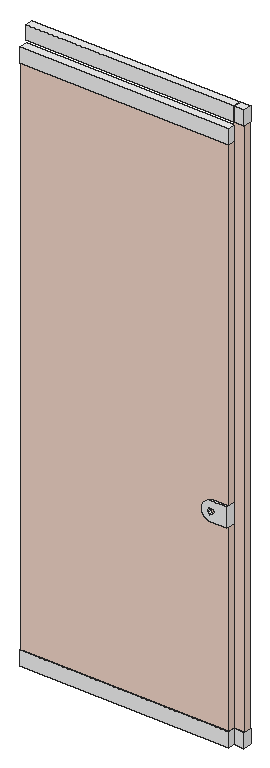
Revit family
Parameters (values of type "720x1800x1190 mm")
  Assembly Code = ""
  가시성 - 배치 선 = yes
  가시성 - 문 RHS = no
  가시성 - 문 LHS = yes
  가시성 - 큐비클 다리 = yes
  상단 프레임 깊이 = 45 mm
  배관 덕트 깊이 = 0 mm
  재료 큐비클 패널 = 화장실 큐비클 패널
  재료 큐비클 프레임 = 화장실 큐비클 프레임
  Keynote = "K32"
  핸들 장착 높이 = 800 mm
  끝 패널 폭 [instance] = 32.5 mm
  문 폭 = 큐비클 폭 - 65 mm  # 655 mm
  문 헤드 간격 = 10 mm
  큐비클 폭 = 720 mm
  큐비클 패널 두께 = 20 mm
  큐비클 높이 = 1800 mm
  큐비클 깊이 = 1190 mm
  하단 프레임 깊이 = 45 mm
  베이스 간격띄우기 = 150 mm
Types (2, lengths in mm): name | 큐비클 깊이
  720x1800x1190 mm | 1190
  720x1800x1515 mm | 1515
Reference planes
  plane 1 "중심(앞/뒤)": y = 0
  plane 2: z = 0
  plane 3 "중심(왼쪽/오른쪽)": x = -12.069
  plane 4: x = -372.069
  plane 5: x = 347.931
  plane 6: y = -1190
  plane 7: y = 0
  plane 8: z = 150
  plane 9: z = 1950
  plane 10: x = -339.569
  plane 11: x = 315.431
  plane 12: z = 1905
  plane 13: z = 1895
  plane 14: z = 195
  plane 15: x = -404.569
  plane 16: x = 380.431
  plane 17: z = 800
Forms (mm)
  Extrusion 1, solid, material "화장실 큐비클 프레임" <- "재료 큐비클 프레임"
    sketch origin (142.5, 0, 1950) x (0, -1, 0) y (-1, 0, 0)
      loop
        line (1203, 482.069) -> (1177.295, 482.069) -> (1177.295, -172.931) -> (1203, -172.931) -> (1203, 482.069)
    from 0 to 45
  Extrusion 2, solid, material "화장실 큐비클 프레임" <- "재료 큐비클 프레임"
    sketch origin (347.931, 0, 0) x (0, -1, 0) y (0, 0, 1)
      loop
        line (1203, 1905) -> (1203, 1950) -> (1177.295, 1950) -> (1177.295, 1905) -> (1203, 1905)
      loop
        line (1203, 150) -> (1203, 195) -> (1177.295, 195) -> (1177.295, 150) -> (1203, 150)
    from 32.5 to 0
  Extrusion 3, solid, material "화장실 큐비클 패널" <- "재료 큐비클 패널"
    sketch origin (347.931, 0, 0) x (0, -1, 0) y (0, 0, 1)
      loop
        line (1200, 195) -> (1200, 1905) -> (1180, 1905) -> (1180, 195) -> (1200, 195)
    from 32.5 to 0
Lines and regions (mm)
  reference lines
    curve 1: line (347.931, -954.472, 0) -> (347.931, -1374.472, 0)
  symbolic lines, style "화장실 큐비클", visible <- "가시성 - 배치 선"
    curve 2: line (347.931, -1190, 0) -> (347.931, 0, 0)
    curve 3: line (-372.069, 0, 0) -> (347.931, 0, 0)
  symbolic lines
    curve 4: line (-372.069, 0, 0) -> (-372.069, -1190, 0)
    curve 5: line (-339.569, -1223, 0) -> (-339.569, -1190, 0)
    curve 6: line (-339.569, -1190, 0) -> (-372.069, -1190, 0)
    curve 7: line (347.931, -1190, 0) -> (315.431, -1190, 0)
    curve 8: line (315.431, -1190, 0) -> (315.431, -1223, 0)
Dimensions and locks
  equal spacing: plane 4, plane 3 "중심(왼쪽/오른쪽)", plane 5
  "큐비클 폭": plane 4 to plane 5
  "배관 덕트 깊이": plane 7 to plane 1 "중심(앞/뒤)"
  "큐비클 깊이": plane 6 to plane 7
  "베이스 간격띄우기": plane 8 to level
  "큐비클 높이": plane 9 to plane 8
  equal spacing: plane 10, plane 3 "중심(왼쪽/오른쪽)", plane 11
  "문 폭": plane 10 to plane 11
  "상단 프레임 깊이": plane 9 to plane 12
  "문 헤드 간격": plane 12 to plane 13
  "하단 프레임 깊이": plane 14 to plane 8
  equal spacing: plane 15, plane 4, plane 10
  equal spacing: plane 11, plane 5, plane 16
  "핸들 장착 높이": plane 17 to level
  "끝 패널 폭": plane 11 to curve 1
  aligned and locked: Extrusion 1 to plane 9
  aligned and locked: plane 12 to Extrusion 1
  aligned and locked: plane 11 to Extrusion 1 sketch curve
  aligned and locked: nested 1 to plane 13
  aligned and locked: plane 10 to Extrusion 1
  aligned and locked: plane 6 to nested 1
  aligned and locked: plane 3 "중심(왼쪽/오른쪽)" to nested 1
  aligned and locked: Extrusion 3 to plane 11
  aligned and locked: Extrusion 2 to plane 11
  aligned and locked: Extrusion 3 to curve 1
  aligned and locked: Extrusion 2 to Extrusion 3
  aligned and locked: nested 1 to curve 2
  aligned and locked: nested 1 to curve 4
  aligned and locked: plane 1 "중심(앞/뒤)" to curve 4
  aligned and locked: plane 4 to curve 4
  aligned and locked: curve 6 to nested 1
Automatic sketch dimensions
  Extrusion 1 sketch curve to plane 6 = 12.705 mm
  plane 6 to Extrusion 1 sketch curve = 13 mm
  Extrusion 1 sketch curve to Extrusion 1 sketch curve = 655 mm
  Extrusion 2 sketch curve to plane 14 = 0 mm
  Extrusion 2 sketch curve to plane 12 = 0 mm
  Extrusion 2 sketch curve to plane 8 = 0 mm
  Extrusion 2 sketch curve to plane 9 = 0 mm
  Extrusion 2 sketch curve to plane 6 = 12.705 mm  (x2)
  plane 6 to Extrusion 2 sketch curve = 13 mm  (x2)
  Extrusion 3 sketch curve to plane 14 = 0 mm
  Extrusion 3 sketch curve to plane 12 = 0 mm
  Extrusion 3 sketch curve to plane 6 = 10 mm
  plane 6 to Extrusion 3 sketch curve = 10 mm
  plane 6 to curve 1 = 184.472 mm
  curve 1 to plane 6 = 235.528 mm
  curve 6 to plane 10 = 0 mm
  curve 8 to plane 11 = 0 mm
  curve 8 to plane 6 = 0 mm
  plane 6 to curve 8 = 33 mm
  curve 5 to curve 5 = 33 mm
Nested families
  nested 1: "UK_화장실 문" at (-10, -2990, 0), 큐비클 폭 <- "큐비클 폭", type "끝/코너 큐비클"
    with 문 폭 655 mm, 큐비클 폭 720 mm
Definition of nested family "UK_화장실 문"
  Parameters (values of type "끝/코너 큐비클")
    가시성 - 문 RHS = no
    가시성 - 문 LHS = yes
    상단 프레임 깊이 = 45 mm
    재료 큐비클 패널 = 화장실 큐비클 패널
    재료 큐비클 프레임 = 화장실 큐비클 프레임
    핸들 장착 높이 = 800 mm
    문 폭 [instance] = 큐비클 폭 - 65 mm  # 735 mm
    문 헤드 간격 = 10 mm
    큐비클 폭 [instance] = 800 mm
    큐비클 패널 두께 = 20 mm
    큐비클 높이 = 1800 mm
    큐비클 깊이 = 1190 mm
    하단 프레임 깊이 = 45 mm
    베이스 간격띄우기 = 150 mm
    Assembly Code = ""
  Reference planes
    plane 1: z = 0
    plane 2 "중심(왼쪽/오른쪽)": x = -2.069
    plane 3: x = -402.069
    plane 4: x = 397.931
    plane 5 "큐비클 앞면": y = -1800
    plane 6: z = 150
    plane 7: z = 1950
    plane 8: x = -369.569
    plane 9: x = 365.431
    plane 10: z = 1905
    plane 11: z = 1895
    plane 12: z = 195
    plane 13: x = -434.569
    plane 14: x = 430.431
    plane 15: z = 800
    plane 16: y = -1780
  Forms (mm)
    Extrusion 1, solid, material "화장실 큐비클 프레임" <- "재료 큐비클 프레임"
      sketch origin (-2.069, 0, 0) x (0, 1, 0) y (0, 0, 1)
        loop
          line (-1793, 1850) -> (-1767, 1850) -> (-1767, 1895) -> (-1793, 1895) -> (-1793, 1850)
        loop
          line (-1793, 195) -> (-1793, 150) -> (-1767, 150) -> (-1767, 195) -> (-1793, 195)
      from 367.5 to -367.5
    Extrusion 2, solid, material "화장실 큐비클 패널" <- "재료 큐비클 패널"
      sketch origin (0, 0, 0) x (1, 0, 0) y (0, 1, 0)
        loop
          line (-369.569, -1790) -> (365.431, -1790) -> (365.431, -1770) -> (-369.569, -1770) -> (-369.569, -1790)
      from 195 to 1850
  Lines and regions (mm)
    symbolic lines, visible <- "가시성 - 문 LHS"
      curve 1: line (-369.569, -1767, 0) -> (-369.569, -1032, 0)
      curve 2: arc (365.431, -1767, 0) -> (150.155, -1247.277, 0) -> (-369.569, -1032, 0) r 735
    symbolic lines, visible <- "가시성 - 문 RHS"
      curve 3: line (365.431, -1767, 0) -> (365.431, -1032, 0)
      curve 4: arc (-369.569, -1767, 0) -> (-154.292, -1247.277, 0) -> (365.431, -1032, 0) r 735
  Dimensions and locks
    equal spacing: plane 3, plane 2 "중심(왼쪽/오른쪽)", plane 4
    "큐비클 폭": plane 3 to plane 4
    "베이스 간격띄우기": plane 6 to level
    "큐비클 높이": plane 7 to plane 6
    equal spacing: plane 8, plane 2 "중심(왼쪽/오른쪽)", plane 9
    "문 폭": plane 8 to plane 9
    "상단 프레임 깊이": plane 7 to plane 10
    "문 헤드 간격": plane 10 to plane 11
    "하단 프레임 깊이": plane 12 to plane 6
    equal spacing: plane 13, plane 3, plane 8
    equal spacing: plane 9, plane 4, plane 14
    "핸들 장착 높이": plane 15 to level
    "큐비클 패널 두께": plane 5 "큐비클 앞면" to plane 16
    equal spacing: Extrusion 2, plane 16, Extrusion 2
    "큐비클 패널 두께": Extrusion 2 to Extrusion 2
    locked: Extrusion 1 sketch curve to Extrusion 2 at 3  (x2)
    locked: Extrusion 2 to Extrusion 1 sketch curve at 3  (x2)
    aligned and locked: curve 2 to plane 8
    aligned and locked: plane 15 to nested 2
    aligned and locked: nested 1 to plane 9
    aligned and locked: nested 2 to plane 8
    aligned and locked: plane 16 to nested 1
    aligned and locked: nested 2 to plane 16
    aligned and locked: Extrusion 1 sketch curve to plane 11
    aligned and locked: Extrusion 1 to plane 9
    aligned and locked: plane 8 to Extrusion 1
    aligned and locked: Extrusion 2 to Extrusion 1
    aligned and locked: plane 12 to Extrusion 2
    aligned and locked: plane 8 to Extrusion 2
    aligned and locked: Extrusion 2 to plane 9
    aligned and locked: curve 1 to plane 8
    aligned and locked: curve 3 to plane 9
  Automatic sketch dimensions
    curve 1 to plane 5 "큐비클 앞면" = 33 mm
    curve 2 to curve 1 = 0 mm
    Extrusion 1 sketch curve to plane 6 = 0 mm
    Extrusion 1 sketch curve to plane 12 = 0 mm
    plane 11 to Extrusion 1 sketch curve = 45 mm
    Extrusion 2 sketch curve to plane 16 = 10 mm
    Extrusion 2 sketch curve to plane 8 = 0 mm
    plane 9 to Extrusion 2 sketch curve = 0 mm
    Extrusion 2 sketch curve to plane 5 "큐비클 앞면" = 10 mm
  Nested families
    nested 1: "화장실 큐비클 핸들" at (365.431, -1779.907, 0), visible <- "가시성 - 문 LHS", type "화장실 큐비클 핸들"
    nested 2: "화장실 큐비클 핸들" at (-369.569, -1779.907, -0.091) x (-1, 0, 0) z (0, 0, 1), visible <- "가시성 - 문 RHS", type "화장실 큐비클 핸들"
  Definition of nested family "화장실 큐비클 핸들"
    Parameters (values of type "화장실 큐비클 핸들")
      패널 두께 = 20 mm
      재료  핸들 = 화장실 큐비클 프레임
      핸들 Z = 800 mm
      핸들 X = 50 mm
      Assembly Code = ""
    Reference planes
      plane 1 "중심(앞/뒤)": y = -0.093
      plane 2: z = 0
      plane 3 "중심(왼쪽/오른쪽)": x = 0
      plane 4: z = 800
      plane 5: x = -50
      plane 6: y = -10.093
      plane 7: y = 9.907
    Forms (mm)
      Extrusion 1, solid, material "화장실 큐비클 프레임" <- "재료  핸들"
        sketch origin (0, -0.093, 0) x (1, 0, 0) y (0, 0, 1)
          loop
            line (0, 770) -> (0, 830.183) -> (-49.948, 830.183)
            arc (-49.948, 830.183) -> (-80.039, 800.091) -> (-49.948, 770) r 30.091
            line (-49.948, 770) -> (0, 770)
          loop
            circle (-49.948, 800.091) r 10
        from -18 to 18
    Dimensions and locks
      "핸들 X": plane 5 to plane 3 "중심(왼쪽/오른쪽)"
      "핸들 Z": plane 4 to level
      equal spacing: plane 7, plane 1 "중심(앞/뒤)", plane 6
      "패널 두께": plane 6 to plane 7
      locked: Extrusion 1 to plane 7 at 8
      locked: Extrusion 1 to plane 6 at 8
    Automatic sketch dimensions
      Extrusion 1 sketch curve to Extrusion 1 sketch curve = 0 mm  (x2)
      Extrusion 1 sketch curve to plane 3 "중심(왼쪽/오른쪽)" = 0 mm
      Extrusion 1 sketch curve to plane 5 = 0.052 mm
      plane 4 to Extrusion 1 sketch curve = 30 mm
      Extrusion 1 sketch curve to plane 4 = 0.091 mm
      radius of Extrusion 1 sketch curve = 10 mm
